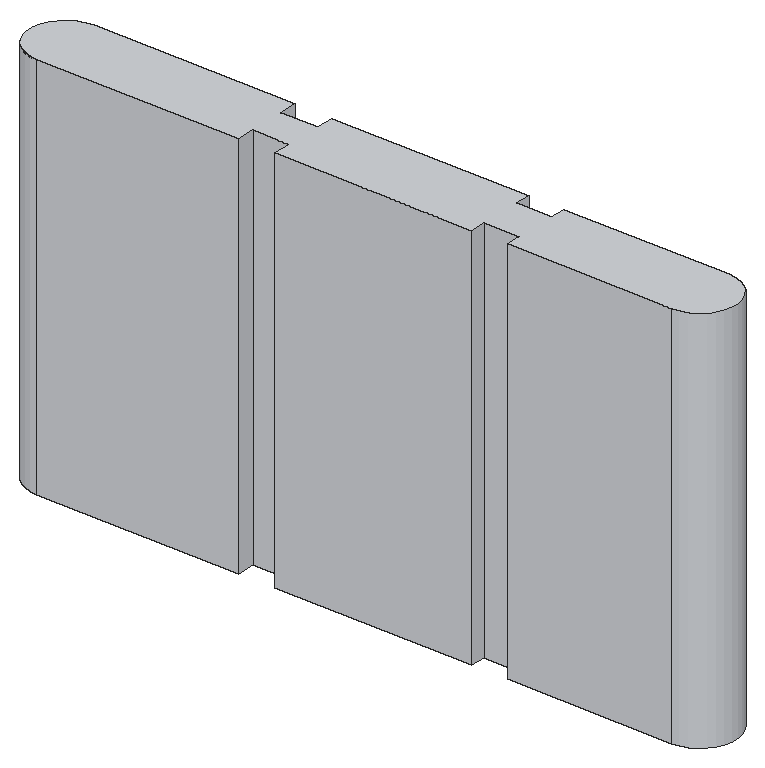
Revit family "闸墩 - 中墩", category 结构柱, Revit 2019
Family settings
  横断面形状 = 未定义
  用于模型行为的材质 = 其他
  始终导出为几何图形 = 否
  平面中的梁缩进 = 从边界框
  OmniClass 编号 = 23.25.30.11.14.11
  OmniClass 标题 = Columns
  加载时剪切的空心 = 否
  符号表示法 = 从族
  共享 = 否
  在平面视图中显示族的预剪切 = 是
Parameters (values of type "中墩 - C25")
  槽2深度 = 250 mm
  槽2宽度 = 600 mm
  槽2位置 = 8000 mm
  槽1深度 = 300 mm
  槽1宽度 = 620 mm
  槽1位置 = 4030 mm
  型号 = "\"LOCK_CHAMBER_PIER_MIDDLE\""
  中墩宽度 = 1200 mm
  中墩长度 = 12000 mm
Reference planes
  plane 1 "中心(前/后)": y = 0
  plane 2: z = 0
  plane 3 "中心(左/右)": x = 0
  plane 4 "左": x = -6000
  plane 5 "右": x = 6000
  plane 6 "后": y = 600
  plane 7 "前": y = -600
  plane 8: x = -5400
  plane 9: x = 5400
  plane 10: x = -1970
  plane 11: x = 2000
  plane 12: x = 2600
  plane 13: y = -300
  plane 14: y = -350
  plane 15: x = -1350
  plane 16: y = 300
  plane 17: y = 350
Forms (mm)
  Extrusion 1, solid
    sketch origin (0, 0, 0) x (1, 0, 0) y (0, 1, 0)
      loop
        arc (-5400, 600) -> (-6000, 0) -> (-5400, -600) r 600
        line (-5400, -600) -> (5400, -600)
        arc (5400, -600) -> (6000, 0) -> (5400, 600) r 600
        line (5400, 600) -> (-5400, 600)
    from 0 to 6620
  Extrusion 2, void
    sketch origin (0, 0, 0) x (1, 0, 0) y (0, 1, 0)
      loop
        line (-1970, -300) -> (-1970, -600) -> (-1350, -600) -> (-1350, -300) -> (-1970, -300)
      loop
        line (2000, -350) -> (2000, -600) -> (2600, -600) -> (2600, -350) -> (2000, -350)
      loop
        line (2000, 600) -> (2000, 350) -> (2600, 350) -> (2600, 600) -> (2000, 600)
      loop
        line (-1970, 600) -> (-1970, 300) -> (-1350, 300) -> (-1350, 600) -> (-1970, 600)
    from 0 to 6620
Cuts and joins
  Extrusion 2 cuts Extrusion 1
Dimensions and locks
  equal spacing: plane 4 "左", plane 3 "中心(左/右)", plane 5 "右"
  equal spacing: plane 7 "前", plane 1 "中心(前/后)", plane 6 "后"
  "中墩长度": plane 4 "左" to plane 5 "右"
  "中墩宽度": plane 7 "前" to plane 6 "后"
  plane 4 "左" to plane 8 = 600 mm
  plane 9 to plane 5 "右" = 600 mm
  "槽1位置": plane 4 "左" to plane 10
  "槽1宽度": plane 10 to plane 15
  "槽2位置": plane 4 "左" to plane 11
  "槽2宽度": plane 11 to plane 12
  "槽1深度": plane 7 "前" to plane 13
  "槽2深度": plane 7 "前" to plane 14
  "槽1深度": plane 16 to plane 6 "后"
  "槽2深度": plane 17 to plane 6 "后"
  aligned and locked: level to plane 2
  aligned and locked: plane 6 "后" to Extrusion 1 sketch curve
  aligned and locked: Extrusion 1 sketch curve to plane 7 "前"
  aligned and locked: Extrusion 1 to level  (x2)
  aligned and locked: cut or joined group of Extrusion 1, Extrusion 2 to level  (x3)
  aligned and locked: plane 16 to cut or joined group of Extrusion 1, Extrusion 2
  aligned and locked: cut or joined group of Extrusion 1, Extrusion 2 to plane 10  (x2)
  aligned and locked: plane 15 to cut or joined group of Extrusion 1, Extrusion 2  (x2)
  aligned and locked: plane 13 to cut or joined group of Extrusion 1, Extrusion 2
  aligned and locked: plane 17 to cut or joined group of Extrusion 1, Extrusion 2
  aligned and locked: plane 12 to cut or joined group of Extrusion 1, Extrusion 2  (x2)
  aligned and locked: cut or joined group of Extrusion 1, Extrusion 2 to plane 11  (x2)
  aligned and locked: plane 14 to cut or joined group of Extrusion 1, Extrusion 2
Automatic sketch dimensions
  Extrusion 1 sketch curve to plane 8 = 0 mm
  Extrusion 1 sketch curve to plane 9 = 0 mm
  Extrusion 2 sketch curve to plane 10 = 0 mm  (x2)
  Extrusion 2 sketch curve to plane 13 = 0 mm
  Extrusion 2 sketch curve to plane 15 = 0 mm  (x2)
  plane 6 "后" to Extrusion 2 sketch curve = 0 mm  (x2)
  Extrusion 2 sketch curve to plane 11 = 0 mm  (x2)
  plane 7 "前" to Extrusion 2 sketch curve = 0 mm  (x2)
  Extrusion 2 sketch curve to plane 12 = 0 mm  (x2)
  Extrusion 2 sketch curve to plane 14 = 0 mm
  plane 16 to Extrusion 2 sketch curve = 0 mm
  plane 17 to Extrusion 2 sketch curve = 0 mm
